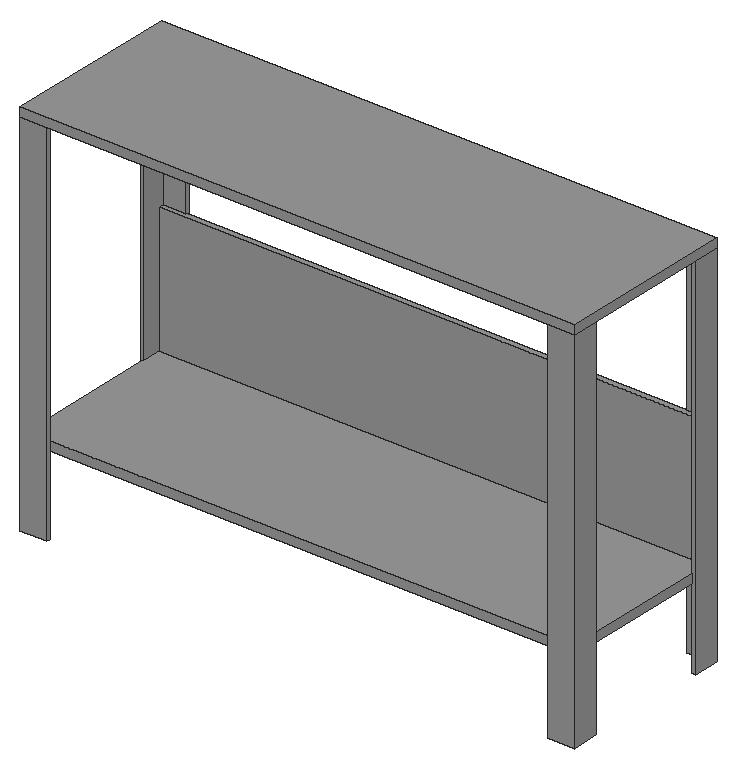
Revit family "Стол для мастерской", category Оборудование, Revit 2017
Family settings
  Размер круглого соединителя = Использовать радиус
  Тип детали = Вставляется
  На основе рабочей плоскости = Нет
  Всегда вертикально = Да
  При загрузке вырезать с полостями = Нет
  Общий = Нет
  Точка расчета площади = Нет
Parameters (values of type "Тип1")
  Ширина = 1250.0 mm
  Примечание ЭМ [instance] = ""
  Примечание АР [instance] = ""
  Примечание = ""
  Позиция = ""
  Обозначение = "СМ-03-03"
  Наименование = "Стол металлический"
  Материал основной = Сталь, нержавеющая, полированная
  Материал доп. = none
  Масса = "24"
  Код оборудования = ""
  Keynote = ""
  Задание = ""
  Завод = "ВТО"
  Единицы = "шт."
  Глубина = 400.0 mm
  Высота ножек = 835.0 mm
  Высота = 855.0 mm
Reference planes
  plane 1 "По центру (Вперед/Назад)": y = 0
  plane 2: z = 0
  plane 3 "По центру (Влево/Вправо)": x = 0
  plane 4: x = -625
  plane 5: x = 625
  plane 6: y = 200
  plane 7: y = -200
  plane 8: z = 855
  plane 9: z = 835
  plane 10: z = 200
  plane 11: z = 180
  plane 12: y = 180
Forms (mm)
  Extrusion 1, solid, material "Сталь, нержавеющая, полированная" <- "Материал основной"
    sketch origin (0, 0, 0) x (1, 0, 0) y (0, 1, 0)
      loop
        line (-625, 200) -> (-625, -200) -> (625, -200) -> (625, 200) -> (-625, 200)
    from 835 to 855
  Extrusion 2, solid, material "Сталь, нержавеющая, полированная" <- "Материал основной"
    sketch origin (0, 0, 0) x (1, 0, 0) y (0, 1, 0)
      loop
        line (-617, 192) -> (-617, -192) -> (617, -192) -> (617, 192) -> (-617, 192)
    from 180 to 200
  Extrusion 3, solid, material "Сталь, нержавеющая, полированная" <- "Материал основной"
    sketch origin (0, 0, 0) x (1, 0, 0) y (0, 1, 0)
      loop
        line (-617, 192) -> (-617, 180) -> (617, 180) -> (617, 192) -> (-617, 192)
    from 200 to 489.994
Dimensions and locks
  equal spacing: plane 4, plane 3 "По центру (Влево/Вправо)", plane 5
  equal spacing: plane 6, plane 1 "По центру (Вперед/Назад)", plane 7
  "Глубина": plane 6 to plane 7
  "Ширина": plane 4 to plane 5
  "Высота": plane 8 to plane 2
  locked: plane 8 to plane 9 at 20
  locked: plane 10 to plane 11 at 20
  locked: plane 10 to level at 200
  locked: plane 6 to plane 12 at 20
  locked: Extrusion 3 to plane 10 at 289.994
  aligned and locked: level to plane 2
  aligned and locked: Extrusion 1 sketch curve to plane 6
  aligned and locked: plane 4 to Extrusion 1 sketch curve
  aligned and locked: plane 7 to Extrusion 1 sketch curve
  aligned and locked: Extrusion 1 sketch curve to plane 5
  aligned and locked: plane 8 to Extrusion 1
  aligned and locked: Extrusion 1 to plane 9
  aligned and locked: plane 4 to nested 1
  aligned and locked: nested 1 to plane 7
  aligned and locked: nested 2 to plane 6
  aligned and locked: nested 2 to plane 4
  aligned and locked: plane 6 to nested 3
  aligned and locked: nested 3 to plane 5
  aligned and locked: plane 7 to nested 4
  aligned and locked: plane 5 to nested 4
  aligned and locked: Extrusion 2 sketch curve to nested 2  (x2)
  aligned and locked: Extrusion 2 sketch curve to nested 4  (x2)
  aligned and locked: Extrusion 2 to plane 11
  aligned and locked: plane 10 to Extrusion 2
  aligned and locked: Extrusion 3 sketch curve to Extrusion 2  (x3)
  aligned and locked: plane 12 to Extrusion 3 sketch curve
  aligned and locked: Extrusion 3 to plane 10
Nested families
  nested 1: "Семейство6" at (-625, -200, 0), Высота ножки <- "Высота ножек", type "Семейство6"
    with Материал Сталь, нержавеющая, полированная, Высота ножки 835.0 mm
  nested 2: "Семейство6" at (-625, 200, 0), Высота ножки <- "Высота ножек", type "Семейство6"
    with Материал Сталь, нержавеющая, полированная, Высота ножки 835.0 mm
  nested 3: "Семейство6" at (625, 200, 0) x (-1, 0, 0) z (0, 0, 1), Высота ножки <- "Высота ножек", type "Семейство6"
    with Материал Сталь, нержавеющая, полированная, Высота ножки 835.0 mm
  nested 4: "Семейство6" at (625, -200, 0) x (-1, 0, 0) z (0, 0, 1), Высота ножки <- "Высота ножек", type "Семейство6"
    with Материал Сталь, нержавеющая, полированная, Высота ножки 835.0 mm
Definition of nested family "Семейство6"
  Parameters (values of type "Семейство6")
    Материал [instance] = none
    Высота ножки [instance] = 1900.0 mm
  Reference planes
    plane 1 "По центру (Вперед/Назад)": y = 0
    plane 2: z = 0
    plane 3 "По центру (Влево/Вправо)": x = 0
    plane 4: z = 1900
  Forms (mm)
    Extrusion 1, solid, material <- "Материал"
      sketch origin (452.246, -498.925, 0) x (1, 0, 0) y (0, 1, 0)
        loop
          line (-452.246, 558.925) -> (-452.246, 498.925) -> (-392.246, 498.925) -> (-392.246, 506.925) -> (-444.246, 506.925) -> (-444.246, 558.925) -> (-452.246, 558.925)
      from 0 to 1900
  Dimensions and locks
    "Высота ножки": plane 4 to level
    Extrusion 1 to Extrusion 1 = 60.0 mm  (x2)
    aligned and locked: level to plane 2
    aligned and locked: plane 4 to Extrusion 1
    aligned and locked: Extrusion 1 to level
  Automatic sketch dimensions
    plane 3 "По центру (Влево/Вправо)" to Extrusion 1 sketch curve = 0.0 mm
    Extrusion 1 sketch curve to Extrusion 1 sketch curve = 8.0 mm  (x2)
    Extrusion 1 sketch curve to plane 1 "По центру (Вперед/Назад)" = 0.0 mm
    Extrusion 1 sketch curve to Extrusion 1 sketch curve = 52.0 mm
    Extrusion 1 sketch curve to Extrusion 1 sketch curve = 60.0 mm
